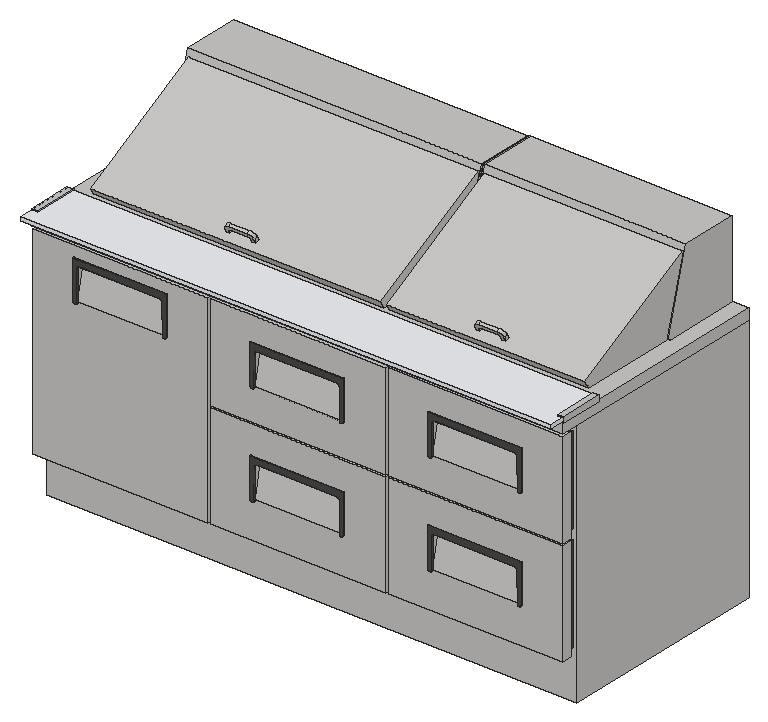
Revit family "QF_TRUE_TFP-72-30M-D-4", category Specialty Equipment, Revit 2012
Parameters
  Weight in Pounds = 0
  Watts = 0 W
  Volts = 115 V
  URL Cutsheet = "www.truemfg.com"
  URL = "www.truemfg.com"
  Type Mark [instance] = ""
  Status [instance] = ""
  Specification by User [instance] = ""
  Specification by Manufacturer = ""
  Show Clearance [instance] = yes
  Serial Number = ""
  Seismic Rating = ""
  SMACNA No = ""
  Revision Code [instance] = ""
  Phase = 1
  Omniclass Number and Title = ""
  Number of Poles [instance] = 1
  NAFEM Spec ID Number = ""
  Model = "TFP-72-30M-D-4"
  Min Ckt Ampacity = 0 A
  Max Overcurrent Protection = 0 A
  Masterspec = ""
  Manufacturer = "TRUE"
  Item Number [instance] = ""
  Installed By [instance] = ""
  Identify Quantity as Lot [instance] = yes
  HP = "1/3"
  Furnished By [instance] = ""
  Foodservice Equipment Identifier [instance] = yes
  FL Amps = 5.1 A
  Electrical Remarks [instance] = ""
  Electric Connection Type [instance] = ""
  Elec Conn RI Height [instance] = 0"
  Elec Conn Connection Height [instance] = 0"
  Description = "FOOD PREP TABLE: DOOR AND DRAWERED FOOD PREP UNIT"
  Cycle = 60 Hz
  Conn Plug = "NEMA 5-15P"
  Conn Conduit = yes
  CSI MasterFormat = ""
  CSI Master Format = ""
  Apparent Power = if(Phase = 3, Volts * FL Amps * 1.73, Volts * FL Amps)  # 586.5 VA
Reference planes (in)
  plane 1 "BACK": y = 0
  plane 2: z = 0
  plane 3 "LEFT": x = 0
  plane 4 "RIGHT": x = 72.125
  plane 5 "FRONT": y = -33.53125
  plane 6 "TOP": z = 46.5
  plane 7 "Center Y": x = 36.0625
  plane 8 "Center X": y = -16.76562
  plane 9 "BASE": z = 0.75
  plane 10: z = 36
  plane 11: y = -31.5
  plane 12: y = -10.6875
  plane 13: y = -7.84375
  plane 14: x = 69.92188
  plane 15: x = 2.20313
  plane 16: z = 27.18596
  plane 17: z = 36.51375
  plane 18: y = -55.875
  plane 19: x = 42.42188
  plane 20: x = 42.17188
  plane 21: x = 3.9375
  plane 22: x = 48.25
  plane 23: x = 60.23438
  plane 24: y = -53.96875
Forms (in)
  Extrusion 1, solid, material "QF_Finishes_Stainless Steel"
    sketch origin (0, 0, 0) x (0, 1, 0) y (0, 0, 1)
      loop
        line (0, 0.75) -> (0, 34.46) -> (-29.085, 34.46) -> (-29.085, 0.75) -> (0, 0.75)
      loop
        line (0, 36) -> (-31.5, 36) -> (-31.5, 34.5) -> (0, 34.5) -> (0, 36)
    from 0 to 72.125
  Extrusion 2, solid, material "QF_Finishes_Stainless Steel"
    sketch origin (0, -29.085, 0.75) x (0, 0, 1) y (-1, 0, 0)
      loop
        line (33.42, -48.40625) -> (20.38651, -48.40625) -> (20.38651, -72.0625) -> (33.42, -72.0625) -> (33.42, -48.40625)
      loop
        line (20.13651, -48.40625) -> (5.9891, -48.40625) -> (5.9891, -72.0625) -> (20.13651, -72.0625) -> (20.13651, -48.40625)
      loop
        line (5.9891, -48.09375) -> (20.13651, -48.09375) -> (20.13651, -24.23438) -> (5.9891, -24.23438) -> (5.9891, -48.09375)
      loop
        line (33.42, -0.0625) -> (5.9891, -0.0625) -> (5.9891, -23.92188) -> (33.42, -23.92188) -> (33.42, -0.0625)
      loop
        line (33.42, -48.09375) -> (33.42, -24.23438) -> (20.38651, -24.23438) -> (20.38651, -48.09375) -> (33.42, -48.09375)
    from 1 to 2.415
  Extrusion 3, solid, material "QF_Finishes_Black"
    sketch origin (0, -29.085, 0.75) x (0, 0, 1) y (-1, 0, 0)
      loop
        line (32.92, -0.5625) -> (6.4891, -0.5625) -> (6.4891, -23.42188) -> (32.92, -23.42188) -> (32.92, -0.5625)
      loop
        line (32.92, -48.90625) -> (20.88651, -48.90625) -> (20.88651, -71.5625) -> (32.92, -71.5625) -> (32.92, -48.90625)
      loop
        line (19.63651, -48.90625) -> (6.4891, -48.90625) -> (6.4891, -71.5625) -> (19.63651, -71.5625) -> (19.63651, -48.90625)
      loop
        line (32.92, -24.73438) -> (20.88651, -24.73438) -> (20.88651, -47.59375) -> (32.92, -47.59375) -> (32.92, -24.73438)
      loop
        line (6.4891, -47.59375) -> (19.63651, -47.59375) -> (19.63651, -24.73438) -> (6.4891, -24.73438) -> (6.4891, -47.59375)
    from 0 to 1
  Extrusion 4, solid, material "QF_Finishes_Black"
    sketch origin (0, -31.5, 0.75) x (0, 0, 1) y (-1, 0, 0)
      loop
        line (30.13376, -53.88571) -> (24.79951, -53.88571)
        spline (24.79951, -53.88571) -> (24.7729, -53.89331) -> (24.74738, -53.90382) -> (24.72325, -53.91709) -> (24.7008, -53.93298) -> (24.68031, -53.9513) -> (24.66202, -53.97181) -> (24.64615, -53.99427) -> (24.6329, -54.01842) -> (24.62242, -54.04395) -> (24.61485, -54.07057) -> (24.61027, -54.09794) -> (24.60873, -54.12574)
        line (24.60873, -54.12574) -> (24.60873, -54.29107)
        spline (24.60873, -54.29107) -> (24.6095, -54.30269) -> (24.61178, -54.31412) -> (24.61554, -54.32516) -> (24.62072, -54.33563) -> (24.62722, -54.34536) -> (24.63495, -54.35418) -> (24.64376, -54.36194) -> (24.65352, -54.36852) -> (24.66406, -54.3738) -> (24.67521, -54.3777) -> (24.68677, -54.38015) -> (24.69855, -54.38111)
        line (24.69855, -54.38111) -> (28.92773, -54.45508)
        arc (28.92773, -54.45508) -> (29.1666, -54.55807) -> (29.26499, -54.79887) r 0.34385
        line (29.26499, -54.79887) -> (29.26499, -65.66988)
        arc (29.26499, -65.66988) -> (29.1666, -65.91068) -> (28.92773, -66.01367) r 0.34385
        line (28.92773, -66.01367) -> (24.69855, -66.08765)
        spline (24.69855, -66.08765) -> (24.68677, -66.08861) -> (24.67521, -66.09106) -> (24.66406, -66.09495) -> (24.65352, -66.10024) -> (24.64376, -66.10681) -> (24.63495, -66.11458) -> (24.62722, -66.1234) -> (24.62072, -66.13312) -> (24.61554, -66.14359) -> (24.61178, -66.15464) -> (24.6095, -66.16606) -> (24.60873, -66.17768)
        line (24.60873, -66.17768) -> (24.60873, -66.34301)
        spline (24.60873, -66.34301) -> (24.61027, -66.37082) -> (24.61485, -66.39819) -> (24.62242, -66.4248) -> (24.6329, -66.45034) -> (24.64615, -66.47448) -> (24.66202, -66.49695) -> (24.68031, -66.51746) -> (24.7008, -66.53577) -> (24.72325, -66.55166) -> (24.74738, -66.56494) -> (24.7729, -66.57544) -> (24.79951, -66.58304)
        line (24.79951, -66.58304) -> (30.13376, -66.58304) -> (30.13376, -53.88571)
      loop
        line (16.29154, -53.88571) -> (10.95729, -53.88571)
        spline (10.95729, -53.88571) -> (10.93068, -53.89331) -> (10.90516, -53.90382) -> (10.88103, -53.91709) -> (10.85858, -53.93298) -> (10.83809, -53.9513) -> (10.8198, -53.97181) -> (10.80393, -53.99427) -> (10.79068, -54.01842) -> (10.78021, -54.04395) -> (10.77263, -54.07057) -> (10.76805, -54.09794) -> (10.76651, -54.12574)
        line (10.76651, -54.12574) -> (10.76651, -54.29107)
        spline (10.76651, -54.29107) -> (10.76728, -54.30269) -> (10.76956, -54.31412) -> (10.77332, -54.32516) -> (10.7785, -54.33563) -> (10.785, -54.34536) -> (10.79273, -54.35418) -> (10.80155, -54.36194) -> (10.81131, -54.36852) -> (10.82184, -54.3738) -> (10.83299, -54.3777) -> (10.84455, -54.38015) -> (10.85633, -54.38111)
        line (10.85633, -54.38111) -> (15.08551, -54.45508)
        arc (15.08551, -54.45508) -> (15.32438, -54.55807) -> (15.42277, -54.79887) r 0.34385
        line (15.42277, -54.79887) -> (15.42277, -65.66988)
        arc (15.42277, -65.66988) -> (15.32438, -65.91068) -> (15.08551, -66.01367) r 0.34385
        line (15.08551, -66.01367) -> (10.85633, -66.08765)
        spline (10.85633, -66.08765) -> (10.84455, -66.08861) -> (10.83299, -66.09106) -> (10.82184, -66.09495) -> (10.81131, -66.10024) -> (10.80155, -66.10681) -> (10.79273, -66.11458) -> (10.785, -66.1234) -> (10.7785, -66.13312) -> (10.77332, -66.14359) -> (10.76956, -66.15464) -> (10.76728, -66.16606) -> (10.76651, -66.17768)
        line (10.76651, -66.17768) -> (10.76651, -66.34301)
        spline (10.76651, -66.34301) -> (10.76805, -66.37082) -> (10.77263, -66.39819) -> (10.78021, -66.4248) -> (10.79068, -66.45034) -> (10.80393, -66.47448) -> (10.8198, -66.49695) -> (10.83809, -66.51746) -> (10.85858, -66.53577) -> (10.88103, -66.55166) -> (10.90516, -66.56494) -> (10.93068, -66.57544) -> (10.95729, -66.58304)
        line (10.95729, -66.58304) -> (16.29154, -66.58304) -> (16.29154, -53.88571)
      loop
        line (31.96099, -5.64352) -> (26.62674, -5.64352)
        spline (26.62674, -5.64352) -> (26.60013, -5.65113) -> (26.57461, -5.66163) -> (26.55048, -5.67491) -> (26.52803, -5.6908) -> (26.50754, -5.70911) -> (26.48925, -5.72962) -> (26.47338, -5.75208) -> (26.46013, -5.77623) -> (26.44966, -5.80176) -> (26.44208, -5.82838) -> (26.4375, -5.85575) -> (26.43596, -5.88355)
        line (26.43596, -5.88355) -> (26.43596, -6.04888)
        spline (26.43596, -6.04888) -> (26.43673, -6.0605) -> (26.43901, -6.07193) -> (26.44277, -6.08297) -> (26.44795, -6.09344) -> (26.45445, -6.10317) -> (26.46218, -6.11199) -> (26.471, -6.11975) -> (26.48075, -6.12633) -> (26.49129, -6.13161) -> (26.50244, -6.13551) -> (26.514, -6.13796) -> (26.52578, -6.13892)
        line (26.52578, -6.13892) -> (30.75496, -6.2129)
        arc (30.75496, -6.2129) -> (30.99383, -6.31588) -> (31.09222, -6.55668) r 0.34385
        line (31.09222, -6.55668) -> (31.09222, -17.4277)
        arc (31.09222, -17.4277) -> (30.99383, -17.66849) -> (30.75496, -17.77148) r 0.34385
        line (30.75496, -17.77148) -> (26.52578, -17.84546)
        spline (26.52578, -17.84546) -> (26.514, -17.84642) -> (26.50244, -17.84887) -> (26.49129, -17.85277) -> (26.48075, -17.85805) -> (26.471, -17.86463) -> (26.46218, -17.87239) -> (26.45445, -17.88121) -> (26.44795, -17.89093) -> (26.44277, -17.90141) -> (26.43901, -17.91245) -> (26.43673, -17.92387) -> (26.43596, -17.93549)
        line (26.43596, -17.93549) -> (26.43596, -18.10082)
        spline (26.43596, -18.10082) -> (26.4375, -18.12863) -> (26.44208, -18.156) -> (26.44966, -18.18262) -> (26.46013, -18.20815) -> (26.47338, -18.23229) -> (26.48925, -18.25476) -> (26.50754, -18.27527) -> (26.52803, -18.29358) -> (26.55048, -18.30947) -> (26.57461, -18.32275) -> (26.60013, -18.33325) -> (26.62674, -18.34085)
        line (26.62674, -18.34085) -> (31.96099, -18.34085) -> (31.96099, -5.64352)
      loop
        line (30.13376, -29.71383) -> (24.79951, -29.71383)
        spline (24.79951, -29.71383) -> (24.7729, -29.72144) -> (24.74738, -29.73194) -> (24.72325, -29.74522) -> (24.7008, -29.76111) -> (24.68031, -29.77942) -> (24.66202, -29.79993) -> (24.64615, -29.82239) -> (24.6329, -29.84654) -> (24.62242, -29.87207) -> (24.61485, -29.89869) -> (24.61027, -29.92606) -> (24.60873, -29.95386)
        line (24.60873, -29.95386) -> (24.60873, -30.1192)
        spline (24.60873, -30.1192) -> (24.6095, -30.13082) -> (24.61178, -30.14224) -> (24.61554, -30.15328) -> (24.62072, -30.16375) -> (24.62722, -30.17348) -> (24.63495, -30.1823) -> (24.64376, -30.19006) -> (24.65352, -30.19664) -> (24.66406, -30.20192) -> (24.67521, -30.20582) -> (24.68677, -30.20827) -> (24.69855, -30.20923)
        line (24.69855, -30.20923) -> (28.92773, -30.28321)
        arc (28.92773, -30.28321) -> (29.1666, -30.3862) -> (29.26499, -30.62699) r 0.34385
        line (29.26499, -30.62699) -> (29.26499, -41.49801)
        arc (29.26499, -41.49801) -> (29.1666, -41.7388) -> (28.92773, -41.84179) r 0.34385
        line (28.92773, -41.84179) -> (24.69855, -41.91577)
        spline (24.69855, -41.91577) -> (24.68677, -41.91673) -> (24.67521, -41.91918) -> (24.66406, -41.92308) -> (24.65352, -41.92836) -> (24.64376, -41.93494) -> (24.63495, -41.9427) -> (24.62722, -41.95152) -> (24.62072, -41.96125) -> (24.61554, -41.97172) -> (24.61178, -41.98276) -> (24.6095, -41.99418) -> (24.60873, -42.0058)
        line (24.60873, -42.0058) -> (24.60873, -42.17114)
        spline (24.60873, -42.17114) -> (24.61027, -42.19894) -> (24.61485, -42.22631) -> (24.62242, -42.25293) -> (24.6329, -42.27846) -> (24.64615, -42.30261) -> (24.66202, -42.32507) -> (24.68031, -42.34558) -> (24.7008, -42.36389) -> (24.72325, -42.37978) -> (24.74738, -42.39306) -> (24.7729, -42.40356) -> (24.79951, -42.41117)
        line (24.79951, -42.41117) -> (30.13376, -42.41117) -> (30.13376, -29.71383)
      loop
        line (16.29154, -29.71383) -> (10.95729, -29.71383)
        spline (10.95729, -29.71383) -> (10.93068, -29.72144) -> (10.90516, -29.73194) -> (10.88103, -29.74522) -> (10.85858, -29.76111) -> (10.83809, -29.77942) -> (10.8198, -29.79993) -> (10.80393, -29.82239) -> (10.79068, -29.84654) -> (10.78021, -29.87207) -> (10.77263, -29.89869) -> (10.76805, -29.92606) -> (10.76651, -29.95386)
        line (10.76651, -29.95386) -> (10.76651, -30.1192)
        spline (10.76651, -30.1192) -> (10.76728, -30.13082) -> (10.76956, -30.14224) -> (10.77332, -30.15328) -> (10.7785, -30.16375) -> (10.785, -30.17348) -> (10.79273, -30.1823) -> (10.80155, -30.19006) -> (10.81131, -30.19664) -> (10.82184, -30.20192) -> (10.83299, -30.20582) -> (10.84455, -30.20827) -> (10.85633, -30.20923)
        line (10.85633, -30.20923) -> (15.08551, -30.28321)
        arc (15.08551, -30.28321) -> (15.32438, -30.3862) -> (15.42277, -30.62699) r 0.34385
        line (15.42277, -30.62699) -> (15.42277, -41.49801)
        arc (15.42277, -41.49801) -> (15.32438, -41.7388) -> (15.08551, -41.84179) r 0.34385
        line (15.08551, -41.84179) -> (10.85633, -41.91577)
        spline (10.85633, -41.91577) -> (10.84455, -41.91673) -> (10.83299, -41.91918) -> (10.82184, -41.92308) -> (10.81131, -41.92836) -> (10.80155, -41.93494) -> (10.79273, -41.9427) -> (10.785, -41.95152) -> (10.7785, -41.96125) -> (10.77332, -41.97172) -> (10.76956, -41.98276) -> (10.76728, -41.99418) -> (10.76651, -42.0058)
        line (10.76651, -42.0058) -> (10.76651, -42.17114)
        spline (10.76651, -42.17114) -> (10.76805, -42.19894) -> (10.77263, -42.22631) -> (10.78021, -42.25293) -> (10.79068, -42.27846) -> (10.80393, -42.30261) -> (10.8198, -42.32507) -> (10.83809, -42.34558) -> (10.85858, -42.36389) -> (10.88103, -42.37978) -> (10.90516, -42.39306) -> (10.93068, -42.40356) -> (10.95729, -42.41117)
        line (10.95729, -42.41117) -> (16.29154, -42.41117) -> (16.29154, -29.71383)
    from 0 to 0.125
  Extrusion 5, void
    sketch origin (0, 0, 0) x (0, 1, 0) y (0, 0, 1)
      loop
        line (-31.5, 31.84222) -> (-31.5, 27.37674) -> (-30.5, 31.84222) -> (-31.5, 31.84222)
    from 6.09501 to 17.87859
  Extrusion 6, void
    sketch origin (0, 0, -15.66945) x (0, 1, 0) y (0, 0, 1)
      loop
        line (-31.5, 31.84222) -> (-31.5, 27.37674) -> (-30.5, 31.84222) -> (-31.5, 31.84222)
      loop
        line (-31.5, 45.68444) -> (-31.5, 41.21896) -> (-30.5, 45.68444) -> (-31.5, 45.68444)
    from 54.33236 to 66.15598
  Extrusion 7, solid, material "QF_Finishes_Stainless Steel"
    sketch origin (2.20313, 7.41441, 48) x (0, 1, 0) y (0, 0, -1)
      loop
        line (-15.20428, 1.5) -> (-7.41441, 1.5) -> (-7.41441, 12) -> (-17.88334, 12)
        arc (-17.88334, 12) -> (-18.083, 11.90045) -> (-18.12366, 11.68109) r 0.25
        line (-18.12366, 11.68109) -> (-15.20428, 1.5)
    from 0 to -39.96875
  Extrusion 8, solid, material "QF_Finishes_Stainless Steel"
    sketch origin (2.20313, 7.41441, 48) x (0, 1, 0) y (0, 0, -1)
      loop
        line (-32.04884, 11.07186) -> (-15.44857, 2.35196) -> (-18.12366, 11.68109)
        arc (-18.12366, 11.68109) -> (-18.083, 11.90045) -> (-17.88334, 12) r 0.25
        line (-17.88334, 12) -> (-31.51878, 12) -> (-32.04884, 11.07186)
    from -39.71875 to -0.25
  Extrusion 9, solid, material "QF_Finishes_Stainless Steel"
    sketch origin (-4.00862, -31.5, 48) x (-1, 0, 0) y (0, 0, 1)
      loop
        line (-75.43327, -11.48625) -> (-75.43327, -11.39262) -> (-76.19562, -11.39262) -> (-76.19562, -12.13881) -> (-76.13362, -12.13881) -> (-76.13362, -11.48625) -> (-75.43327, -11.48625)
      loop
        line (-4.80067, -11.48625) -> (-4.00862, -11.48625) -> (-4.00862, -12.13881) -> (-3.94662, -12.13881) -> (-3.94662, -11.39262) -> (-4.80067, -11.39262) -> (-4.80067, -11.48625)
    from 0 to 6
  Extrusion 10, solid, material "QF_Finishes_White"
    sketch origin (0, 0, 0) x (0, 1, 0) y (0, 0, 1)
      loop
        line (-33.53125, 36) -> (-25.5, 36) -> (-25.5, 36.51375) -> (-33.53125, 36.51375) -> (-33.53125, 36)
    from 0 to 72.125
  Extrusion 11, solid, material "QF_Door-Drawer Clearances", visible <- "Show Clearance", detail levels coarse
    sketch origin (0, -31.5, 0.75) x (0, 0, 1) y (-1, 0, 0)
      loop
        line (33.42, -24.23438) -> (5.9891, -24.23438) -> (5.9891, -72.0625) -> (33.42, -72.0625) -> (33.42, -24.23438)
    from 0 to 24.375
  Extrusion 12, solid, material "QF_Door-Drawer Clearances", visible <- "Show Clearance", detail levels coarse
    sketch origin (39.90625, -29.085, 6.7391) x (0, 1, 0) y (1, 0, 0)
      loop
        line (-2.415, -39.84375) -> (-2.415, -15.98437)
        arc (-2.415, -15.98437) -> (-18.3747, -23.46415) -> (-24.88375, -39.84375) r 23.93075
        line (-24.88375, -39.84375) -> (-2.415, -39.84375)
    from -27.4309 to 0
  Extrusion 13, solid, material "QF_Finishes_Stainless Steel"
    sketch origin (0, 0, 1) x (0, 0, -1) y (-1, 0, 0)
      loop
        circle (-3.28427, -68.27646) r 0.5
    from 0 to 0.25
  Extrusion 14, solid, material "QF_Finishes_Stainless Steel"
    sketch origin (61.875, 7.41441, 48) x (0, 1, 0) y (0, 0, 1)
      loop
        line (-15.20428, -1.5) -> (-18.12366, -11.68109)
        arc (-18.12366, -11.68109) -> (-18.083, -11.90045) -> (-17.88334, -12) r 0.25
        line (-17.88334, -12) -> (-7.41441, -12) -> (-7.41441, -1.5) -> (-15.20428, -1.5)
    from 8.04688 to -19.45312
  Extrusion 15, solid, material "QF_Finishes_Stainless Steel"
    sketch origin (61.875, 7.41441, 48) x (0, 1, 0) y (0, 0, 1)
      loop
        line (-32.04884, -11.07186) -> (-31.51878, -12) -> (-17.88334, -12)
        arc (-17.88334, -12) -> (-18.083, -11.90045) -> (-18.12366, -11.68109) r 0.25
        line (-18.12366, -11.68109) -> (-15.44857, -2.35196) -> (-32.04884, -11.07186)
    from -19.20312 to 7.79688
  Extrusion 16, solid, material "QF_Finishes_Stainless Steel"
    sketch origin (42.17188, 5.02547, 48) x (0, 1, 0) y (0, 0, 1)
      loop
        line (-12.81534, -1.5) -> (-15.73472, -11.68109)
        arc (-15.73472, -11.68109) -> (-15.69407, -11.90045) -> (-15.49441, -12) r 0.25
        line (-15.49441, -12) -> (-5.02547, -12) -> (-5.02547, -1.5) -> (-12.81534, -1.5)
    from 0 to 0.25
  Extrusion 17, solid, material "QF_Finishes_Black"
    sketch origin (-0.08352, 0, 0) x (0, 1, 0) y (0, 0, 1)
      loop
        arc (-25.55411, 0.75) -> (-24.36826, 0) -> (-23.1824, 0.75) r 1.3125
        line (-23.1824, 0.75) -> (-25.55411, 0.75)
      loop
        line (-1.30815, 0.75) -> (-3.67985, 0.75)
        arc (-3.67985, 0.75) -> (-2.494, 0) -> (-1.30815, 0.75) r 1.3125
    from 3.15902 to 4.88302
  Extrusion 18, solid, material "QF_Finishes_Black"
    sketch origin (28.35398, 0, 0) x (0, 1, 0) y (0, 0, 1)
      loop
        arc (-25.55411, 0.75) -> (-24.36826, 0) -> (-23.1824, 0.75) r 1.3125
        line (-23.1824, 0.75) -> (-25.55411, 0.75)
      loop
        line (-1.30815, 0.75) -> (-3.67985, 0.75)
        arc (-3.67985, 0.75) -> (-2.494, 0) -> (-1.30815, 0.75) r 1.3125
    from 3.15902 to 4.88302
  Extrusion 19, solid, material "QF_Finishes_Black"
    sketch origin (72.20852, 0, 0) x (0, 1, 0) y (0, 0, -1)
      loop
        line (-25.55411, -0.75) -> (-23.1824, -0.75)
        arc (-23.1824, -0.75) -> (-24.36826, 0) -> (-25.55411, -0.75) r 1.3125
      loop
        arc (-1.30815, -0.75) -> (-2.494, 0) -> (-3.67985, -0.75) r 1.3125
        line (-3.67985, -0.75) -> (-1.30815, -0.75)
    from 3.15902 to 4.88302
  Extrusion 20, solid, material "QF_Finishes_Black"
    sketch origin (43.77102, 0, 0) x (0, 1, 0) y (0, 0, -1)
      loop
        line (-25.55411, -0.75) -> (-23.1824, -0.75)
        arc (-23.1824, -0.75) -> (-24.36826, 0) -> (-25.55411, -0.75) r 1.3125
      loop
        arc (-1.30815, -0.75) -> (-2.494, 0) -> (-3.67985, -0.75) r 1.3125
        line (-3.67985, -0.75) -> (-1.30815, -0.75)
    from 3.15902 to 4.88302
  Extrusion 21, solid, material "QF_Finishes_Stainless Steel"
    sketch origin (20.10937, -2.20491, -2.8829) x (0, -0.461189, 0.887302) y (-1, 0, 0)
      loop
        line (47, -37.3125) -> (47, -34.8125)
        arc (47, -34.8125) -> (46.78033, -34.28217) -> (46.25, -34.0625) r 0.75
        line (46.25, -34.0625) -> (45.75, -34.0625) -> (45.75, -34.5625) -> (46.25, -34.5625)
        arc (46.25, -34.5625) -> (46.42678, -34.63572) -> (46.5, -34.8125) r 0.25
        line (46.5, -34.8125) -> (46.5, -37.3125)
        arc (46.5, -37.3125) -> (46.42678, -37.48928) -> (46.25, -37.5625) r 0.25
        line (46.25, -37.5625) -> (45.75, -37.5625) -> (45.75, -38.0625) -> (46.25, -38.0625)
        arc (46.25, -38.0625) -> (46.78033, -37.84283) -> (47, -37.3125) r 0.75
    from 0 to 0.5
  Extrusion 22, solid, material "QF_Finishes_Stainless Steel"
    sketch origin (50.25, -2.20491, -2.8829) x (0, -0.461189, 0.887302) y (-1, 0, 0)
      loop
        arc (47, 29.3125) -> (46.78033, 29.84283) -> (46.25, 30.0625) r 0.75
        line (46.25, 30.0625) -> (45.75, 30.0625) -> (45.75, 29.5625) -> (46.25, 29.5625)
        arc (46.25, 29.5625) -> (46.42678, 29.48928) -> (46.5, 29.3125) r 0.25
        line (46.5, 29.3125) -> (46.5, 26.8125)
        arc (46.5, 26.8125) -> (46.42678, 26.63572) -> (46.25, 26.5625) r 0.25
        line (46.25, 26.5625) -> (45.75, 26.5625) -> (45.75, 26.0625) -> (46.25, 26.0625)
        arc (46.25, 26.0625) -> (46.78033, 26.28217) -> (47, 26.8125) r 0.75
        line (47, 26.8125) -> (47, 29.3125)
    from 0 to 0.5
  Extrusion 23, void
    sketch origin (96.8125, 0, -15.66945) x (0, 1, 0) y (0, 0, -1)
      loop
        line (-31.5, -31.84222) -> (-30.5, -31.84222) -> (-31.5, -27.37674) -> (-31.5, -31.84222)
      loop
        line (-31.5, -45.68444) -> (-30.5, -45.68444) -> (-31.5, -41.21896) -> (-31.5, -45.68444)
    from 54.84337 to 66.63049
Cuts and joins
  Extrusion 5, Extrusion 6, Extrusion 23 cuts Extrusion 2
  Extrusion 6, Extrusion 23 cuts Extrusion 4
  Extrusion 23 cuts Extrusion 11
Lines and regions (in)
  Split face 1
    outline origin (0, -29.085, 0.75) x (0, 0, 1) y (-1, 0, 0)
      loop
        line (5.72413, -1.9375) -> (1.47413, -1.9375) -> (1.47413, -3.1875) -> (5.72413, -3.1875) -> (5.72413, -1.9375)
  Split face 2
    outline origin (1.5, -29.085, 0.75) x (0, 0, 1) y (-1, 0, 0)
      loop
        line (5.72413, -1.9375) -> (1.47413, -1.9375) -> (1.47413, -3.1875) -> (5.72413, -3.1875) -> (5.72413, -1.9375)
  Split face 3
    outline origin (3, -29.085, 0.75) x (0, 0, 1) y (-1, 0, 0)
      loop
        line (5.72413, -1.9375) -> (1.47413, -1.9375) -> (1.47413, -3.1875) -> (5.72413, -3.1875) -> (5.72413, -1.9375)
  Split face 4
    outline origin (4.5, -29.085, 0.75) x (0, 0, 1) y (-1, 0, 0)
      loop
        line (5.72413, -1.9375) -> (1.47413, -1.9375) -> (1.47413, -3.1875) -> (5.72413, -3.1875) -> (5.72413, -1.9375)
  Split face 5
    outline origin (6, -29.085, 0.75) x (0, 0, 1) y (-1, 0, 0)
      loop
        line (5.72413, -1.9375) -> (1.47413, -1.9375) -> (1.47413, -3.1875) -> (5.72413, -3.1875) -> (5.72413, -1.9375)
  Split face 6
    outline origin (7.5, -29.085, 0.75) x (0, 0, 1) y (-1, 0, 0)
      loop
        line (5.72413, -1.9375) -> (1.47413, -1.9375) -> (1.47413, -3.1875) -> (5.72413, -3.1875) -> (5.72413, -1.9375)
  Split face 7
    outline origin (9, -29.085, 0.75) x (0, 0, 1) y (-1, 0, 0)
      loop
        line (5.72413, -1.9375) -> (1.47413, -1.9375) -> (1.47413, -3.1875) -> (5.72413, -3.1875) -> (5.72413, -1.9375)
  Split face 8
    outline origin (10.5, -29.085, 0.75) x (0, 0, 1) y (-1, 0, 0)
      loop
        line (5.72413, -1.9375) -> (1.47413, -1.9375) -> (1.47413, -3.1875) -> (5.72413, -3.1875) -> (5.72413, -1.9375)
  Split face 9
    outline origin (12, -29.085, 0.75) x (0, 0, 1) y (-1, 0, 0)
      loop
        line (5.72413, -1.9375) -> (1.47413, -1.9375) -> (1.47413, -3.1875) -> (5.72413, -3.1875) -> (5.72413, -1.9375)
  Split face 10
    outline origin (48.125, -29.085, 0.75) x (0, 0, 1) y (-1, 0, 0)
      loop
        line (5.72413, -22.0625) -> (5.72413, -20.8125) -> (1.47413, -20.8125) -> (1.47413, -22.0625) -> (5.72413, -22.0625)
  Split face 11
    outline origin (49.625, -29.085, 0.75) x (0, 0, 1) y (-1, 0, 0)
      loop
        line (5.72413, -19.0625) -> (5.72413, -17.8125) -> (1.47413, -17.8125) -> (1.47413, -19.0625) -> (5.72413, -19.0625)
  Split face 12
    outline origin (51.125, -29.085, 0.75) x (0, 0, 1) y (-1, 0, 0)
      loop
        line (5.72413, -16.0625) -> (5.72413, -14.8125) -> (1.47413, -14.8125) -> (1.47413, -16.0625) -> (5.72413, -16.0625)
  Split face 13
    outline origin (52.625, -29.085, 0.75) x (0, 0, 1) y (-1, 0, 0)
      loop
        line (5.72413, -13.0625) -> (5.72413, -11.8125) -> (1.47413, -11.8125) -> (1.47413, -13.0625) -> (5.72413, -13.0625)
  Split face 14
    outline origin (54.125, -29.085, 0.75) x (0, 0, 1) y (-1, 0, 0)
      loop
        line (5.72413, -10.0625) -> (5.72413, -8.8125) -> (1.47413, -8.8125) -> (1.47413, -10.0625) -> (5.72413, -10.0625)
  Split face 15
    outline origin (55.625, -29.085, 0.75) x (0, 0, 1) y (-1, 0, 0)
      loop
        line (5.72413, -7.0625) -> (5.72413, -5.8125) -> (1.47413, -5.8125) -> (1.47413, -7.0625) -> (5.72413, -7.0625)
  Split face 16
    outline origin (57.125, -29.085, 0.75) x (0, 0, 1) y (-1, 0, 0)
      loop
        line (5.72413, -4.0625) -> (5.72413, -2.8125) -> (1.47413, -2.8125) -> (1.47413, -4.0625) -> (5.72413, -4.0625)
  Split face 17
    outline origin (58.625, -29.085, 0.75) x (0, 0, 1) y (-1, 0, 0)
      loop
        line (5.72413, -1.0625) -> (5.72413, 0.1875) -> (1.47413, 0.1875) -> (1.47413, -1.0625) -> (5.72413, -1.0625)
  Split face 18
    outline origin (60.125, -29.085, 0.75) x (0, 0, 1) y (-1, 0, 0)
      loop
        line (5.72413, 1.9375) -> (5.72413, 3.1875) -> (1.47413, 3.1875) -> (1.47413, 1.9375) -> (5.72413, 1.9375)
  Split face 19
    outline origin (33.75, -29.085, 0.75) x (0, 0, 1) y (-1, 0, 0)
      loop
        line (5.72413, -9.9375) -> (1.47413, -9.9375) -> (1.47413, -11.1875) -> (5.72413, -11.1875) -> (5.72413, -9.9375)
  Split face 20
    outline origin (35.25, -29.085, 0.75) x (0, 0, 1) y (-1, 0, 0)
      loop
        line (5.72413, -9.9375) -> (1.47413, -9.9375) -> (1.47413, -11.1875) -> (5.72413, -11.1875) -> (5.72413, -9.9375)
  Split face 21
    outline origin (36.75, -29.085, 0.75) x (0, 0, 1) y (-1, 0, 0)
      loop
        line (5.72413, -9.9375) -> (1.47413, -9.9375) -> (1.47413, -11.1875) -> (5.72413, -11.1875) -> (5.72413, -9.9375)
  Split face 22
    outline origin (38.25, -29.085, 0.75) x (0, 0, 1) y (-1, 0, 0)
      loop
        line (5.72413, -9.9375) -> (1.47413, -9.9375) -> (1.47413, -11.1875) -> (5.72413, -11.1875) -> (5.72413, -9.9375)
  Split face 23
    outline origin (39.75, -29.085, 0.75) x (0, 0, 1) y (-1, 0, 0)
      loop
        line (5.72413, -9.9375) -> (1.47413, -9.9375) -> (1.47413, -11.1875) -> (5.72413, -11.1875) -> (5.72413, -9.9375)
  Split face 24
    outline origin (41.25, -29.085, 0.75) x (0, 0, 1) y (-1, 0, 0)
      loop
        line (5.72413, -9.9375) -> (1.47413, -9.9375) -> (1.47413, -11.1875) -> (5.72413, -11.1875) -> (5.72413, -9.9375)
  Split face 25
    outline origin (29.25, -29.085, 0.75) x (0, 0, 1) y (-1, 0, 0)
      loop
        line (5.72413, -9.9375) -> (1.47413, -9.9375) -> (1.47413, -11.1875) -> (5.72413, -11.1875) -> (5.72413, -9.9375)
  Split face 26
    outline origin (30.75, -29.085, 0.75) x (0, 0, 1) y (-1, 0, 0)
      loop
        line (5.72413, -9.9375) -> (1.47413, -9.9375) -> (1.47413, -11.1875) -> (5.72413, -11.1875) -> (5.72413, -9.9375)
  Split face 27
    outline origin (32.25, -29.085, 0.75) x (0, 0, 1) y (-1, 0, 0)
      loop
        line (5.72413, -9.9375) -> (1.47413, -9.9375) -> (1.47413, -11.1875) -> (5.72413, -11.1875) -> (5.72413, -9.9375)
  Split face 28
    outline origin (105.875, -29.085, 0.75) x (0, 0, 1) y (-1, 0, 0)
      loop
        line (5.72413, 77.4375) -> (5.72413, 78.6875) -> (1.47413, 78.6875) -> (1.47413, 77.4375) -> (5.72413, 77.4375)
  Split face 29
    outline origin (107.375, -29.085, 0.75) x (0, 0, 1) y (-1, 0, 0)
      loop
        line (5.72413, 80.4375) -> (5.72413, 81.6875) -> (1.47413, 81.6875) -> (1.47413, 80.4375) -> (5.72413, 80.4375)
  Split face 30
    outline origin (108.875, -29.085, 0.75) x (0, 0, 1) y (-1, 0, 0)
      loop
        line (5.72413, 83.4375) -> (5.72413, 84.6875) -> (1.47413, 84.6875) -> (1.47413, 83.4375) -> (5.72413, 83.4375)
  Split face 31
    outline origin (110.375, -29.085, 0.75) x (0, 0, 1) y (-1, 0, 0)
      loop
        line (5.72413, 86.4375) -> (5.72413, 87.6875) -> (1.47413, 87.6875) -> (1.47413, 86.4375) -> (5.72413, 86.4375)
  Split face 32
    outline origin (111.875, -29.085, 0.75) x (0, 0, 1) y (-1, 0, 0)
      loop
        line (5.72413, 89.4375) -> (5.72413, 90.6875) -> (1.47413, 90.6875) -> (1.47413, 89.4375) -> (5.72413, 89.4375)
  Split face 33
    outline origin (113.375, -29.085, 0.75) x (0, 0, 1) y (-1, 0, 0)
      loop
        line (5.72413, 92.4375) -> (5.72413, 93.6875) -> (1.47413, 93.6875) -> (1.47413, 92.4375) -> (5.72413, 92.4375)
  Split face 34
    outline origin (101.375, -29.085, 0.75) x (0, 0, 1) y (-1, 0, 0)
      loop
        line (5.72413, 68.4375) -> (5.72413, 69.6875) -> (1.47413, 69.6875) -> (1.47413, 68.4375) -> (5.72413, 68.4375)
  Split face 35
    outline origin (102.875, -29.085, 0.75) x (0, 0, 1) y (-1, 0, 0)
      loop
        line (5.72413, 71.4375) -> (5.72413, 72.6875) -> (1.47413, 72.6875) -> (1.47413, 71.4375) -> (5.72413, 71.4375)
  Split face 36
    outline origin (104.375, -29.085, 0.75) x (0, 0, 1) y (-1, 0, 0)
      loop
        line (5.72413, 74.4375) -> (5.72413, 75.6875) -> (1.47413, 75.6875) -> (1.47413, 74.4375) -> (5.72413, 74.4375)
  symbolic lines, style "QF_Door-Drawer Clearances"
    curve 1: line (24.23438, -55.875, 0) -> (72.0625, -55.875, 0)
    curve 2: line (24.23438, -55.875, 0) -> (24.23438, -33.53125, 0)
    curve 3: line (72.0625, -55.875, 0) -> (72.0625, -33.53125, 0)
    curve 4: arc (23.71024, -33.53125, 0) -> (15.68377, -48.14388, 0) -> (0.0625, -53.96875, 0) r 23.93075
    curve 5: line (0.0625, -33.53125, 0) -> (0.0625, -53.96875, 0)
  symbolic lines
    curve 6: line (0, 0, 0) -> (72.125, 0, 0)
    curve 7: line (0, -25.5, 0) -> (0, 0, 0)
    curve 8: line (72.125, -25.5, 0) -> (0, -25.5, 0)
    curve 9: line (72.125, 0, 0) -> (72.125, -25.5, 0)
    curve 10: line (71.42465, -31.5, 0) -> (72.187, -31.5, 0)
    curve 11: line (71.42465, -25.5, 0) -> (71.42465, -31.5, 0)
    curve 12: line (72.187, -25.5, 0) -> (71.42465, -25.5, 0)
    curve 13: line (72.187, -31.5, 0) -> (72.187, -25.5, 0)
    curve 14: line (-0.062, -25.5, 0) -> (0.79205, -25.5, 0)
    curve 15: line (-0.062, -31.5, 0) -> (-0.062, -25.5, 0)
    curve 16: line (0.79205, -31.5, 0) -> (-0.062, -31.5, 0)
    curve 17: line (0.79205, -25.5, 0) -> (0.79205, -31.5, 0)
    curve 18: line (0, -31.5, 0) -> (0, -33.53125, 0)
    curve 19: line (0, -33.53125, 0) -> (72.0625, -33.53125, 0)
    curve 20: line (72.125, -33.53125, 0) -> (72.125, -31.5, 0)
    curve 21: line (2.45312, -8.03416, 0) -> (2.45312, -24.63443, 0)
    curve 22: line (2.45312, -24.63443, 0) -> (41.92187, -24.63443, 0)
    curve 23: line (69.67188, -24.63443, 0) -> (69.67188, -8.03416, 0)
    curve 24: line (69.92187, -10.71894, 0) -> (69.92187, 0, 0)
    curve 25: line (2.20313, 0, 0) -> (2.20313, -10.71894, 0)
    curve 26: line (2.20313, -10.71894, 0) -> (2.45312, -10.71894, 0)
    curve 27: line (69.92187, -10.71894, 0) -> (69.67188, -10.71894, 0)
    curve 28: line (69.67188, -8.03416, 0) -> (42.67187, -8.03416, 0)
    curve 29: line (2.20313, -7.78987, 0) -> (42.17187, -7.78987, 0)
    curve 30: line (42.17187, -10.71894, 0) -> (42.17187, 0, 0)
    curve 31: line (41.92187, -24.63443, 0) -> (41.92187, -8.03416, 0)
    curve 32: line (42.42188, 0, 0) -> (42.42188, -10.71894, 0)
    curve 33: line (42.67187, -8.03416, 0) -> (42.67187, -24.63443, 0)
    curve 34: line (42.42188, -7.78987, 0) -> (69.92187, -7.78987, 0)
    curve 35: line (41.92187, -8.03416, 0) -> (2.45312, -8.03416, 0)
    curve 36: line (41.92187, -10.71894, 0) -> (42.67187, -10.71894, 0)
    curve 37: line (42.67187, -24.63443, 0) -> (69.67188, -24.63443, 0)
    curve 70: spline (57.42188, -23.88077, 0) -> (57.51977, -23.87781, 0) -> (57.61599, -23.86898, 0) -> (57.70889, -23.85444, 0) -> (57.79688, -23.83443, 0) -> (57.87845, -23.80929, 0) -> (57.95221, -23.77946, 0) -> (58.01689, -23.74544, 0) -> (58.07139, -23.70782, 0) -> (58.11478, -23.66725, 0) -> (58.14632, -23.6244, 0) -> (58.16546, -23.58003, 0) -> (58.17187, -23.53488, 0)
    curve 71: line (54.92187, -23.88077, 0) -> (57.42188, -23.88077, 0)
    curve 72: spline (54.17187, -23.53488, 0) -> (54.17829, -23.58003, 0) -> (54.19743, -23.6244, 0) -> (54.22897, -23.66725, 0) -> (54.27236, -23.70782, 0) -> (54.32686, -23.74544, 0) -> (54.39154, -23.77946, 0) -> (54.4653, -23.80929, 0) -> (54.54687, -23.83443, 0) -> (54.63486, -23.85444, 0) -> (54.72776, -23.86898, 0) -> (54.82398, -23.87781, 0) -> (54.92187, -23.88077, 0)
    curve 73: line (54.67187, -23.30428, 0) -> (54.17187, -23.30428, 0)
    curve 74: line (58.17187, -23.30428, 0) -> (57.67188, -23.30428, 0)
    curve 75: line (57.42188, -23.65018, 0) -> (54.92187, -23.65018, 0)
    curve 76: spline (57.67188, -23.53488, 0) -> (57.66974, -23.54993, 0) -> (57.66336, -23.56472, 0) -> (57.65284, -23.579, 0) -> (57.63838, -23.59253, 0) -> (57.62021, -23.60507, 0) -> (57.59865, -23.61641, 0) -> (57.57407, -23.62635, 0) -> (57.54688, -23.63473, 0) -> (57.51755, -23.6414, 0) -> (57.48658, -23.64625, 0) -> (57.45451, -23.64919, 0) -> (57.42188, -23.65018, 0)
    curve 77: spline (54.92187, -23.65018, 0) -> (54.88924, -23.64919, 0) -> (54.85717, -23.64625, 0) -> (54.8262, -23.6414, 0) -> (54.79687, -23.63473, 0) -> (54.76968, -23.62635, 0) -> (54.7451, -23.61641, 0) -> (54.72354, -23.60507, 0) -> (54.70537, -23.59253, 0) -> (54.69091, -23.579, 0) -> (54.68039, -23.56472, 0) -> (54.67401, -23.54993, 0) -> (54.67187, -23.53488, 0)
    curve 78: line (54.67187, -23.53488, 0) -> (54.67187, -23.30428, 0)
    curve 79: line (57.67188, -23.30428, 0) -> (57.67188, -23.53488, 0)
    curve 80: line (58.17187, -23.97853, 0) -> (58.17187, -23.30428, 0)
    curve 81: line (57.42188, -24.32442, 0) -> (54.92187, -24.32442, 0)
    curve 82: spline (58.17187, -23.97853, 0) -> (58.16546, -24.02368, 0) -> (58.14632, -24.06805, 0) -> (58.11478, -24.1109, 0) -> (58.07139, -24.15148, 0) -> (58.01689, -24.18909, 0) -> (57.95221, -24.22311, 0) -> (57.87845, -24.25294, 0) -> (57.79688, -24.27808, 0) -> (57.70889, -24.29809, 0) -> (57.61599, -24.31263, 0) -> (57.51977, -24.32146, 0) -> (57.42188, -24.32442, 0)
    curve 83: spline (54.92187, -24.32442, 0) -> (54.82398, -24.32146, 0) -> (54.72776, -24.31263, 0) -> (54.63486, -24.29809, 0) -> (54.54687, -24.27808, 0) -> (54.4653, -24.25294, 0) -> (54.39154, -24.22311, 0) -> (54.32686, -24.18909, 0) -> (54.27236, -24.15148, 0) -> (54.22897, -24.1109, 0) -> (54.19743, -24.06805, 0) -> (54.17829, -24.02368, 0) -> (54.17187, -23.97853, 0)
    curve 84: line (54.17187, -23.30428, 0) -> (54.17187, -23.97853, 0)
    curve 85: spline (20.9375, -23.88077, 0) -> (20.83961, -23.87781, 0) -> (20.74339, -23.86898, 0) -> (20.65049, -23.85444, 0) -> (20.5625, -23.83443, 0) -> (20.48093, -23.80929, 0) -> (20.40717, -23.77946, 0) -> (20.34248, -23.74544, 0) -> (20.28798, -23.70782, 0) -> (20.24459, -23.66725, 0) -> (20.21306, -23.6244, 0) -> (20.19392, -23.58003, 0) -> (20.1875, -23.53488, 0)
    curve 86: line (23.4375, -23.88077, 0) -> (20.9375, -23.88077, 0)
    curve 87: spline (24.1875, -23.53488, 0) -> (24.18108, -23.58003, 0) -> (24.16194, -23.6244, 0) -> (24.13041, -23.66725, 0) -> (24.08702, -23.70782, 0) -> (24.03252, -23.74544, 0) -> (23.96783, -23.77946, 0) -> (23.89407, -23.80929, 0) -> (23.8125, -23.83443, 0) -> (23.72451, -23.85444, 0) -> (23.63161, -23.86898, 0) -> (23.53539, -23.87781, 0) -> (23.4375, -23.88077, 0)
    curve 88: line (23.6875, -23.30428, 0) -> (24.1875, -23.30428, 0)
    curve 89: line (20.1875, -23.30428, 0) -> (20.6875, -23.30428, 0)
    curve 90: line (20.9375, -23.65018, 0) -> (23.4375, -23.65018, 0)
    curve 91: spline (20.6875, -23.53488, 0) -> (20.68964, -23.54993, 0) -> (20.69602, -23.56472, 0) -> (20.70653, -23.579, 0) -> (20.72099, -23.59253, 0) -> (20.73916, -23.60507, 0) -> (20.76072, -23.61641, 0) -> (20.78531, -23.62635, 0) -> (20.8125, -23.63473, 0) -> (20.84183, -23.6414, 0) -> (20.8728, -23.64625, 0) -> (20.90487, -23.64919, 0) -> (20.9375, -23.65018, 0)
    curve 92: spline (23.4375, -23.65018, 0) -> (23.47013, -23.64919, 0) -> (23.5022, -23.64625, 0) -> (23.53317, -23.6414, 0) -> (23.5625, -23.63473, 0) -> (23.58969, -23.62635, 0) -> (23.61428, -23.61641, 0) -> (23.63584, -23.60507, 0) -> (23.65401, -23.59253, 0) -> (23.66847, -23.579, 0) -> (23.67898, -23.56472, 0) -> (23.68536, -23.54993, 0) -> (23.6875, -23.53488, 0)
    curve 93: line (23.6875, -23.53488, 0) -> (23.6875, -23.30428, 0)
    curve 94: line (20.6875, -23.30428, 0) -> (20.6875, -23.53488, 0)
    curve 95: line (20.1875, -23.97853, 0) -> (20.1875, -23.30428, 0)
    curve 96: line (20.9375, -24.32442, 0) -> (23.4375, -24.32442, 0)
    curve 97: spline (20.1875, -23.97853, 0) -> (20.19392, -24.02368, 0) -> (20.21306, -24.06805, 0) -> (20.24459, -24.1109, 0) -> (20.28798, -24.15148, 0) -> (20.34248, -24.18909, 0) -> (20.40717, -24.22311, 0) -> (20.48093, -24.25294, 0) -> (20.5625, -24.27808, 0) -> (20.65049, -24.29809, 0) -> (20.74339, -24.31263, 0) -> (20.83961, -24.32146, 0) -> (20.9375, -24.32442, 0)
    curve 98: spline (23.4375, -24.32442, 0) -> (23.53539, -24.32146, 0) -> (23.63161, -24.31263, 0) -> (23.72451, -24.29809, 0) -> (23.8125, -24.27808, 0) -> (23.89407, -24.25294, 0) -> (23.96783, -24.22311, 0) -> (24.03252, -24.18909, 0) -> (24.08702, -24.15148, 0) -> (24.13041, -24.1109, 0) -> (24.16194, -24.06805, 0) -> (24.18108, -24.02368, 0) -> (24.1875, -23.97853, 0)
    curve 99: line (24.1875, -23.30428, 0) -> (24.1875, -23.97853, 0)
  symbolic lines, style "SpecialityEquipmentHiddenLines"
    curve 38: line (3.82031, -0.90403, 0) -> (5.25383, -1.90779, 0)
    curve 39: line (2.38637, -2.95191, 0) -> (3.82031, -0.90403, 0)
    curve 40: line (3.81989, -3.95567, 0) -> (2.38637, -2.95191, 0)
    curve 41: line (5.25383, -1.90779, 0) -> (3.81989, -3.95567, 0)
    curve 42: line (3.82031, -22.77829, 0) -> (5.25383, -23.78205, 0)
    curve 43: line (2.38637, -24.82617, 0) -> (3.82031, -22.77829, 0)
    curve 44: line (3.81989, -25.82993, 0) -> (2.38637, -24.82617, 0)
    curve 45: line (5.25383, -23.78205, 0) -> (3.81989, -25.82993, 0)
    curve 46: line (32.25781, -0.90403, 0) -> (33.69133, -1.90779, 0)
    curve 47: line (30.82387, -2.95191, 0) -> (32.25781, -0.90403, 0)
    curve 48: line (32.25739, -3.95567, 0) -> (30.82387, -2.95191, 0)
    curve 49: line (33.69133, -1.90779, 0) -> (32.25739, -3.95567, 0)
    curve 50: line (32.25781, -22.77829, 0) -> (33.69133, -23.78205, 0)
    curve 51: line (30.82387, -24.82617, 0) -> (32.25781, -22.77829, 0)
    curve 52: line (32.25739, -25.82993, 0) -> (30.82387, -24.82617, 0)
    curve 53: line (33.69133, -23.78205, 0) -> (32.25739, -25.82993, 0)
    curve 54: line (39.63281, -0.90403, 0) -> (41.06633, -1.90779, 0)
    curve 55: line (38.19887, -2.95191, 0) -> (39.63281, -0.90403, 0)
    curve 56: line (39.63239, -3.95567, 0) -> (38.19887, -2.95191, 0)
    curve 57: line (41.06633, -1.90779, 0) -> (39.63239, -3.95567, 0)
    curve 58: line (39.63281, -22.77829, 0) -> (41.06633, -23.78205, 0)
    curve 59: line (38.19887, -24.82617, 0) -> (39.63281, -22.77829, 0)
    curve 60: line (39.63239, -25.82993, 0) -> (38.19887, -24.82617, 0)
    curve 61: line (41.06633, -23.78205, 0) -> (39.63239, -25.82993, 0)
    curve 62: line (68.07031, -0.90403, 0) -> (69.50383, -1.90779, 0)
    curve 63: line (66.63637, -2.95191, 0) -> (68.07031, -0.90403, 0)
    curve 64: line (68.06989, -3.95567, 0) -> (66.63637, -2.95191, 0)
    curve 65: line (69.50383, -1.90779, 0) -> (68.06989, -3.95567, 0)
    curve 66: line (68.07031, -22.77829, 0) -> (69.50383, -23.78205, 0)
    curve 67: line (66.63637, -24.82617, 0) -> (68.07031, -22.77829, 0)
    curve 68: line (68.06989, -25.82993, 0) -> (66.63637, -24.82617, 0)
    curve 69: line (69.50383, -23.78205, 0) -> (68.06989, -25.82993, 0)
Dimensions and locks (in)
  equal spacing: plane 3 "LEFT", plane 7 "Center Y", plane 4 "RIGHT"
  plane 3 "LEFT" to plane 4 "RIGHT" = 72 1/8"
  equal spacing: plane 5 "FRONT", plane 8 "Center X", plane 1 "BACK"
  plane 5 "FRONT" to plane 1 "BACK" = 33 17/32"  (x2)
  plane 6 "TOP" to level = 46 1/2"
  plane 9 "BASE" to level = 3/4"
  plane 10 to plane 9 "BASE" = 35 1/4"
  plane 6 "TOP" to plane 10 = 10 1/2"
  plane 11 to plane 1 "BACK" = 31 1/2"
  plane 12 to plane 1 "BACK" = 10 11/16"
  plane 13 to plane 1 "BACK" = 7 27/32"
  plane 6 "TOP" to plane 10 to plane 9 "BASE" to level = 10 1/2", 35 1/4", 3/4"
  plane 15 to plane 14 = 67 23/32"
  plane 18 to plane 5 "FRONT" = 22 11/32"
  plane 19 to plane 14 = 27 1/2"
  plane 15 to plane 20 = 39 31/32"
  plane 3 "LEFT" to plane 21 = 3 15/16"
  plane 24 to plane 5 "FRONT" = 20 7/16"
  cut or joined group of Extrusion 11, Extrusion 23 to plane 17 = 2 11/32"
  aligned and locked: level to plane 2
  aligned and locked: Extrusion 1 to plane 4 "RIGHT"
Automatic sketch dimensions
  curve 16 to plane 11 = 0"
  curve 8 to plane 3 "LEFT" = 0"
  curve 18 to plane 3 "LEFT" = 0"
  curve 4 to plane 24 = 0"
  plane 5 "FRONT" to curve 5 = 0"
  plane 1 "BACK" to curve 25 = 0"
  curve 25 to plane 15 = 0"
  curve 29 to plane 20 = 0"
  curve 32 to plane 19 = 0"
  plane 18 to curve 2 = 0"
  curve 27 to plane 14 = 0"
  plane 11 to curve 11 = 0"
  curve 9 to plane 4 "RIGHT" = 0"
  curve 20 to plane 4 "RIGHT" = 0"
  plane 5 "FRONT" to curve 20 = 0"
  curve 15 to plane 3 "LEFT" = 0.062"
  plane 3 "LEFT" to curve 4 = 0.03582"
  plane 3 "LEFT" to curve 4 = 1/16"
  plane 3 "LEFT" to curve 14 = 0.79205"
  curve 40 to plane 15 = 0.18325"
  curve 44 to plane 15 = 0.18325"
  curve 21 to plane 15 = 1/4"
  curve 44 to plane 21 = 0.11761"
  curve 40 to plane 21 = 0.11761"
  curve 43 to plane 21 = 15/128"
  curve 38 to plane 21 = 15/128"
  curve 42 to curve 89 = 14.93367"
  curve 85 to curve 94 = 1/2"
  curve 94 to curve 97 = 1/4"
  curve 91 to curve 91 = 1/4"
  curve 85 to curve 91 = 0"
  curve 97 to curve 87 = 1"
  curve 87 to curve 87 = 3/4"
  curve 90 to curve 87 = 0"
  curve 98 to curve 87 = 0"
  curve 87 to curve 93 = 1/4"
  curve 96 to curve 4 = 0.27274"
  curve 48 to plane 7 "Center Y" = 5.23863"
  curve 52 to plane 7 "Center Y" = 5.23863"
  curve 51 to curve 52 = 1.43352"
  curve 47 to curve 49 = 1.43352"
  curve 51 to curve 50 = 1.43394"
  plane 1 "BACK" to curve 46 = 0.90403"
  curve 47 to curve 46 = 1.43394"
  plane 7 "Center Y" to curve 56 = 2.13637"
  plane 7 "Center Y" to curve 60 = 2.13637"
  curve 59 to curve 61 = 1.43352"
  curve 55 to curve 56 = 1.43352"
  plane 1 "BACK" to curve 54 = 0.90403"
  curve 55 to curve 54 = 1.43394"
  curve 59 to curve 59 = 1.43394"
  curve 35 to plane 20 = 1/4"
  plane 19 to curve 33 = 1/4"
  curve 33 to curve 84 = 11 1/2"
  curve 72 to curve 78 = 1/2"
  curve 78 to curve 75 = 1/4"
  curve 83 to curve 77 = 0"
  curve 72 to curve 83 = 0"
  curve 72 to curve 82 = 1"
  curve 82 to curve 76 = 1/2"
  curve 76 to curve 70 = 1/4"
  curve 82 to curve 70 = 0"
  curve 75 to curve 70 = 0"
  curve 67 to plane 14 = 3.2855"
  curve 64 to plane 14 = 3.2855"
  curve 67 to curve 68 = 1.43352"
  curve 63 to curve 64 = 1.43352"
  curve 66 to plane 14 = 1 109/128"
  plane 1 "BACK" to curve 62 = 0.90403"
  curve 62 to plane 14 = 1 109/128"
  curve 37 to plane 14 = 1/4"
  plane 4 "RIGHT" to curve 12 = 0.70035"
  plane 4 "RIGHT" to curve 1 = 1/16"
  curve 12 to plane 4 "RIGHT" = 0.062"
  curve 60 to plane 5 "FRONT" = 7.70132"
  curve 4 to curve 45 = 4.20808"
  curve 52 to curve 60 = 0"
  curve 10 to curve 68 = 5.67007"
  curve 44 to curve 17 = 0.32993"
  curve 68 to curve 8 = 0.32993"
  curve 11 to curve 8 = 0"
  curve 14 to curve 44 = 0.67383"
  curve 52 to curve 51 = 1.00376"
  curve 68 to curve 67 = 1.00376"
  curve 60 to curve 59 = 1.00376"
  curve 22 to curve 58 = 0.85238"
  curve 23 to curve 66 = 0.85238"
  plane 11 to curve 83 = 7.17558"
  curve 96 to curve 99 = 0.34589"
  curve 82 to curve 80 = 0.34589"
  curve 81 to curve 83 = 0.34589"
  curve 97 to curve 97 = 0.34589"
  curve 98 to curve 86 = 0.09776"
  curve 83 to curve 71 = 0.09776"
  curve 85 to curve 91 = 0.23059"
  curve 71 to curve 76 = 0.23059"
  curve 90 to curve 85 = 0.1153"
  curve 75 to curve 77 = 0.1153"
  curve 91 to curve 85 = 0"
  curve 83 to curve 72 = 0.44365"
  curve 90 to curve 92 = 0.1153"
  curve 75 to curve 79 = 0.1153"
  curve 87 to curve 92 = 0"
  curve 82 to curve 70 = 0.44365"
  curve 72 to curve 84 = 0.23059"
  curve 79 to curve 79 = 0.23059"
  curve 92 to curve 88 = 0.23059"
  curve 85 to curve 89 = 0.23059"
  curve 36 to plane 12 = 0.03144"
  curve 24 to plane 12 = 0.03144"
  curve 25 to plane 12 = 0.03144"
  curve 21 to plane 13 = 0.19041"
  curve 28 to plane 13 = 0.19041"
  plane 13 to curve 29 = 0.05388"
  plane 13 to curve 34 = 0.05388"
  plane 1 "BACK" to curve 41 = 3.95567"
  curve 49 to curve 46 = 3.05164"
  curve 64 to curve 62 = 3.05164"
  curve 56 to curve 54 = 3.05164"
  curve 40 to curve 39 = 1.00376"
  Extrusion 1 sketch curve to plane 11 = 0"
  Extrusion 1 sketch curve to plane 9 "BASE" = 0"
  Extrusion 1 sketch curve to plane 1 "BACK" = 0"  (x2)
  Extrusion 1 sketch curve to plane 10 = 0"
  plane 11 to Extrusion 1 sketch curve = 2.415"
  Extrusion 1 sketch curve to plane 10 = 1.54"
  Extrusion 1 sketch curve to plane 10 = 1 1/2"
  Extrusion 1 to Extrusion 2 sketch curve = 5.9891"
  Extrusion 2 sketch curve to Extrusion 2 sketch curve = 0"  (x5)
  Extrusion 1 to Extrusion 2 sketch curve = 1/16"  (x3)
  Extrusion 1 to Extrusion 2 sketch curve = 13.57348"  (x2)
  Extrusion 2 sketch curve to Extrusion 2 sketch curve = 1/4"  (x2)
  Extrusion 1 to Extrusion 2 sketch curve = 0.29"  (x3)
  Extrusion 2 sketch curve to Extrusion 2 sketch curve = 23 21/32"
  Extrusion 2 sketch curve to Extrusion 2 sketch curve = 5/16"  (x2)
  Extrusion 2 sketch curve to Extrusion 2 sketch curve = 23 55/64"
  Extrusion 1 to Extrusion 3 sketch curve = 6.4891"  (x2)
  Extrusion 3 sketch curve to Extrusion 3 sketch curve = 0"  (x4)
  Extrusion 3 sketch curve to Extrusion 3 sketch curve = 13.14742"
  Extrusion 3 sketch curve to Extrusion 3 sketch curve = 1 1/4"  (x2)
  Extrusion 1 to Extrusion 3 sketch curve = 9/16"  (x3)
  Extrusion 1 to Extrusion 3 sketch curve = 0.79"  (x3)
  Extrusion 3 sketch curve to Extrusion 3 sketch curve = 22 21/32"
  Extrusion 3 sketch curve to Extrusion 3 sketch curve = 1 5/16"  (x3)
  Extrusion 3 sketch curve to Extrusion 3 sketch curve = 22 55/64"
  Extrusion 4 sketch curve to Extrusion 2 = 4.77742"  (x4)
  Extrusion 4 sketch curve to Extrusion 4 sketch curve = 0.08982"  (x10)
  Extrusion 4 sketch curve to Extrusion 4 sketch curve = 0"  (x20)
  Extrusion 4 sketch curve to Extrusion 4 sketch curve = 0.00157"  (x10)
  Extrusion 4 sketch curve to Extrusion 4 sketch curve = 0.19077"  (x10)
  Extrusion 4 sketch curve to Extrusion 4 sketch curve = 0.07109"  (x10)
  Extrusion 4 sketch curve to Extrusion 4 sketch curve = 0.25328"  (x10)
  Extrusion 4 sketch curve to Extrusion 4 sketch curve = 3.87636"  (x8)
  Extrusion 4 sketch curve to Extrusion 4 sketch curve = 0.00659"  (x10)
  Extrusion 4 sketch curve to Extrusion 4 sketch curve = 0.34385"  (x5)
  Extrusion 4 sketch curve to Extrusion 4 sketch curve = 0.86877"  (x5)
  Extrusion 4 sketch curve to Extrusion 2 = 4.22222"  (x4)
  Extrusion 4 sketch curve to Extrusion 2 = 6.04945"  (x2)
  Extrusion 4 sketch curve to Extrusion 2 = 2.67162"  (x2)
  Extrusion 4 sketch curve to Extrusion 2 = 5.47946"  (x2)
  Extrusion 4 sketch curve to Extrusion 4 sketch curve = 0.00765"  (x5)
  Extrusion 4 sketch curve to Extrusion 4 sketch curve = 0.16533"  (x10)
  Extrusion 4 sketch curve to Extrusion 4 sketch curve = 0.00005"  (x10)
  Extrusion 4 sketch curve to Extrusion 4 sketch curve = 0.56937"  (x5)
  Extrusion 4 sketch curve to Extrusion 2 = 6.39262"  (x4)
  Extrusion 4 sketch curve to Extrusion 4 sketch curve = 0.07398"  (x5)
  Extrusion 4 sketch curve to Extrusion 4 sketch curve = 0.02287"  (x5)
  Extrusion 4 sketch curve to Extrusion 2 = 5.68259"  (x2)
  Extrusion 4 sketch curve to Extrusion 2 = 5.58102"
  Extrusion 4 sketch curve to Extrusion 2 = 6.49418"
  Extrusion 5 sketch curve to plane 11 = 0"
  plane 11 to Extrusion 5 sketch curve = 1"
  Extrusion 5 sketch curve to plane 16 = 0.19077"
  Extrusion 5 sketch curve to plane 10 = 4.15778"
  Extrusion 6 sketch curve to plane 11 = 0"  (x2)
  plane 11 to Extrusion 6 sketch curve = 1"  (x2)
  plane 9 "BASE" to Extrusion 6 sketch curve = 10.95729"
  Extrusion 6 sketch curve to Extrusion 6 sketch curve = 4.46549"
  plane 16 to Extrusion 6 sketch curve = 1.63646"
  Extrusion 6 sketch curve to plane 16 = 2.82903"
  Extrusion 7 sketch curve to plane 10 = 0"
  Extrusion 7 sketch curve to plane 6 "TOP" = 0"
  Extrusion 7 sketch curve to plane 1 "BACK" = 0"
  Extrusion 7 sketch curve to plane 13 = 0.05388"
  Extrusion 7 sketch curve to plane 12 = 0.21856"
  plane 12 to Extrusion 7 sketch curve = 0.02175"
  Extrusion 7 sketch curve to plane 10 = 1/4"
  Extrusion 8 sketch curve to plane 10 = 0"  (x2)
  plane 17 to Extrusion 8 sketch curve = 0.41439"
  Extrusion 8 sketch curve to plane 11 = 6.86557"
  Extrusion 8 sketch curve to Extrusion 8 sketch curve = 0.53006"
  plane 12 to Extrusion 8 sketch curve = 0.02175"
  Extrusion 8 sketch curve to plane 12 = 0.21856"
  Extrusion 8 sketch curve to Extrusion 8 sketch curve = 0"
  plane 13 to Extrusion 8 sketch curve = 0.19041"
  Extrusion 8 sketch curve to Extrusion 8 sketch curve = 1/4"
  plane 6 "TOP" to Extrusion 8 sketch curve = 0.85196"
  plane 4 "RIGHT" to Extrusion 9 sketch curve = 0"
  Extrusion 9 sketch curve to plane 17 = 0"  (x2)
  Extrusion 9 sketch curve to plane 3 "LEFT" = 0"
  Extrusion 9 sketch curve to plane 4 "RIGHT" = 0.062"
  Extrusion 9 sketch curve to plane 17 = 0.09363"  (x2)
  plane 4 "RIGHT" to Extrusion 9 sketch curve = 0.70035"
  plane 3 "LEFT" to Extrusion 9 sketch curve = 0.79205"
  Extrusion 9 sketch curve to plane 3 "LEFT" = 0.062"
  Extrusion 9 sketch curve to plane 10 = 0.13881"  (x2)
  Extrusion 10 sketch curve to plane 5 "FRONT" = 0"
  plane 17 to Extrusion 10 sketch curve = 0"
  Extrusion 10 sketch curve to plane 10 = 0"
  plane 11 to Extrusion 10 sketch curve = 6"
  Split face 1 sketch curve to Extrusion 1 = 1.47413"
  Split face 1 sketch curve to Extrusion 1 = 1 15/16"
  Split face 1 sketch curve to Split face 1 sketch curve = 4 1/4"
  Split face 1 sketch curve to Split face 1 sketch curve = 1 1/4"
  Split face 2 sketch curve to Extrusion 1 = 1.47413"
  Split face 2 sketch curve to Split face 2 sketch curve = 4 1/4"
  Split face 2 sketch curve to Extrusion 1 = 4 11/16"
  Split face 2 sketch curve to Split face 2 sketch curve = 1 1/4"
  Split face 3 sketch curve to Extrusion 1 = 1.47413"
  Split face 3 sketch curve to Split face 3 sketch curve = 4 1/4"
  Split face 3 sketch curve to Extrusion 1 = 6 3/16"
  Split face 3 sketch curve to Split face 3 sketch curve = 1 1/4"
  Split face 4 sketch curve to Extrusion 1 = 1.47413"
  Split face 4 sketch curve to Split face 4 sketch curve = 4 1/4"
  Split face 4 sketch curve to Extrusion 1 = 7 11/16"
  Split face 4 sketch curve to Split face 4 sketch curve = 1 1/4"
  Split face 5 sketch curve to Extrusion 1 = 1.47413"
  Split face 5 sketch curve to Split face 5 sketch curve = 4 1/4"
  Split face 5 sketch curve to Extrusion 1 = 9 3/16"
  Split face 5 sketch curve to Split face 5 sketch curve = 1 1/4"
  Split face 6 sketch curve to Extrusion 1 = 1.47413"
  Split face 6 sketch curve to Split face 6 sketch curve = 4 1/4"
  Split face 6 sketch curve to Extrusion 1 = 10 11/16"
  Split face 6 sketch curve to Split face 6 sketch curve = 1 1/4"
  Split face 7 sketch curve to Extrusion 1 = 1.47413"
  Split face 7 sketch curve to Split face 7 sketch curve = 4 1/4"
  Split face 7 sketch curve to Extrusion 1 = 12 3/16"
  Split face 7 sketch curve to Split face 7 sketch curve = 1 1/4"
  Split face 8 sketch curve to Extrusion 1 = 1.47413"
  Split face 8 sketch curve to Split face 8 sketch curve = 4 1/4"
  Split face 8 sketch curve to Extrusion 1 = 13 11/16"
  Split face 8 sketch curve to Split face 8 sketch curve = 1 1/4"
  Split face 9 sketch curve to Extrusion 1 = 1.47413"
  Split face 9 sketch curve to Split face 9 sketch curve = 4 1/4"
  Split face 9 sketch curve to Extrusion 1 = 15 3/16"
  Split face 9 sketch curve to Split face 9 sketch curve = 1 1/4"
  Split face 10 sketch curve to Extrusion 1 = 1.47413"
  Split face 10 sketch curve to Extrusion 1 = 1 15/16"
  Split face 10 sketch curve to Split face 10 sketch curve = 4 1/4"
  Split face 10 sketch curve to Split face 10 sketch curve = 1 1/4"
  Split face 11 sketch curve to Extrusion 1 = 1.47413"
  Split face 11 sketch curve to Split face 11 sketch curve = 4 1/4"
  Split face 11 sketch curve to Extrusion 1 = 3 7/16"
  Split face 11 sketch curve to Split face 11 sketch curve = 1 1/4"
  Split face 12 sketch curve to Extrusion 1 = 1.47413"
  Split face 12 sketch curve to Split face 12 sketch curve = 4 1/4"
  Split face 12 sketch curve to Extrusion 1 = 4 15/16"
  Split face 12 sketch curve to Split face 12 sketch curve = 1 1/4"
  Split face 13 sketch curve to Extrusion 1 = 1.47413"
  Split face 13 sketch curve to Split face 13 sketch curve = 4 1/4"
  Split face 13 sketch curve to Extrusion 1 = 6 7/16"
